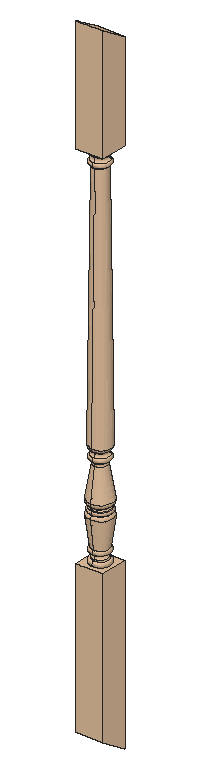
Revit family "Domestic", category 난간동자, Revit 2026
Family settings
  항상 수직 = 예
  로드될 때 보이드를 사용하여 절단 = 아니오
  공유 = 아니오
Parameters (values of type "38mm Spindle")
  built-in parameter 1008623 [instance] = 32.47°
  Top Block Offset = 150 mm
  built-in parameter 1008625 [instance] = (empty or 0)
  Post = no
  Material = Wood - Cherry
  built-in parameter 1008624 [instance] = 32.47°
  Bottom Block Offset = 225 mm
  built-in parameter 1008622 [instance] = 900 mm
  Assembly Code = ""
Reference planes
  plane 1 "Center (Front/Back)": y = 0
  plane 2: z = 0
  plane 3 "Center (Left/Right)": x = 0
  plane 4 "Top": z = 900
  plane 5 "Top Angle Cut": through (0, 407.639, 640.605) normal (0, -0.5369, -0.8437)
  plane 6: z = 1128.6
  plane 7: y = 34.925
  plane 8: y = -34.925
  plane 9: x = -34.925
  plane 10: x = 34.925
  plane 11 "Bottom block Height at top": z = 225
  plane 12 "Top Block Bottom-offset from top": z = 750
  plane 13: through (0, 0, 0) normal (0, 0.5369, 0.8437)
  plane 14: z = -350
  plane 15: z = 370.105
  plane 16: z = 728.011
Forms (mm)
  Extrusion 1, void
    sketch origin (0, 0, 0) x (0, 1, 0) y (0, 0, 1)
      loop
        line (-34.925, 1128.6) -> (-34.925, 922.224) -> (34.925, 877.776) -> (34.925, 1128.6) -> (-34.925, 1128.6)
    from -34.925 to 50.8
  Extrusion 2, solid, material "Wood - Cherry" <- "Material"
    sketch origin (0, 0, 0) x (1, 0, 0) y (0, 1, 0)
      loop
        line (-19.05, -19.05) -> (19.05, -19.05) -> (19.05, 19.05) -> (-19.05, 19.05) -> (-19.05, -19.05)
    from -244.9 to 225 <- "Bottom Block Offset"
  Revolve 3, solid, material "Wood - Cherry" <- "Material"
    sketch origin (0, 0, 0) x (0, 1, 0) y (0, 0, 1)
      loop
        line (-16.876, 285.51) -> (-11.309, 244.939)
        arc (-11.309, 244.939) -> (-13.796, 242.697) -> (-11.822, 239.992) r 2.5
        arc (-11.822, 239.992) -> (-8.811, 236.919) -> (-10.496, 232.959) r 3.874
        line (-10.496, 232.959) -> (-10.496, 230.746)
        arc (-10.496, 230.746) -> (-14.171, 228.334) -> (-11.306, 225) r 2.926
        line (-11.306, 225) -> (0, 225) -> (0, 370.105) -> (-10.496, 370.105) -> (-10.496, 367.891)
        arc (-10.496, 367.891) -> (-9.249, 364.437) -> (-11.822, 361.818) r 3.448
        arc (-11.822, 361.818) -> (-13.796, 359.113) -> (-11.309, 356.871) r 2.5
        line (-11.309, 356.871) -> (-11.309, 355.674) -> (-9.832, 354.821)
        arc (-9.832, 354.821) -> (-9.239, 352.81) -> (-9.288, 350.715) r 6.787
        line (-9.288, 350.715) -> (-17.102, 306.398)
        arc (-17.102, 306.398) -> (-16.93, 302.896) -> (-13.983, 300.996) r 3.836
        line (-13.983, 300.996) -> (-13.983, 299.384)
        arc (-13.983, 299.384) -> (-12.831, 297.625) -> (-13.983, 295.866) r 1.919
        line (-13.983, 295.866) -> (-13.983, 295.037)
        arc (-13.983, 295.037) -> (-15.834, 293.187) -> (-13.983, 291.336) r 1.851
        line (-13.983, 291.336) -> (-13.983, 290.235)
        arc (-13.983, 290.235) -> (-16.277, 288.391) -> (-16.876, 285.51) r 4.357
      axis (0, 370.105) -> (0, 225)
    angle from 0 to 360
  Revolve 4, solid, material "Wood - Cherry" <- "Material"
    sketch origin (0, 0, 0) x (0, 1, 0) y (0, 0, 1)
      loop
        line (-11.309, 730.061) -> (-11.309, 728.864) -> (-9.832, 728.011) -> (0, 728.011) -> (0, 750) -> (-11.306, 750)
        arc (-11.306, 750) -> (-14.319, 746.519) -> (-10.496, 743.954) r 3.073
        line (-10.496, 743.954) -> (-10.496, 741.741)
        arc (-10.496, 741.741) -> (-8.949, 737.939) -> (-11.822, 735.008) r 3.74
        arc (-11.822, 735.008) -> (-13.796, 732.303) -> (-11.309, 730.061) r 2.5
      axis (0, 750) -> (0, 728.011)
    angle from 0 to 360
  Revolve 5, solid, material "Wood - Cherry" <- "Material"
    sketch origin (0, 0, 0) x (0, 1, 0) y (0, 0, 1)
      loop
        arc (-14.753, 374.174) -> (-13.509, 371.215) -> (-10.496, 370.105) r 4.029
        line (-10.496, 370.105) -> (0, 370.105) -> (0, 728.011) -> (-10.226, 728.011) -> (-14.753, 374.174)
      axis (0, 728.011) -> (0, 370.105)
    angle from 0 to 360
  Extrusion 6, solid, material "Wood - Cherry" <- "Material"
    sketch origin (0, 0, 0) x (1, 0, 0) y (0, 1, 0)
      loop
        line (-19.05, 19.05) -> (-19.05, -19.05) -> (19.05, -19.05) -> (19.05, 19.05) -> (-19.05, 19.05)
    from 750 to 1128.6
  Extrusion 7, void
    sketch origin (0, 0, 0) x (0, 1, 0) y (0, 0, 1)
      loop
        line (-34.925, 22.224) -> (-34.925, -350) -> (34.925, -350) -> (34.925, -22.224) -> (-34.925, 22.224)
    from -34.925 to 34.925
Cuts and joins
  Extrusion 1, Extrusion 7 cuts Extrusion 6
  Extrusion 7 cuts Extrusion 2
  Extrusion 7 cuts Revolve 3
  Extrusion 7 cuts Revolve 4
  Extrusion 7 cuts Revolve 5
Dimensions and locks
  "built-in parameter 1008622": plane 2 to plane 4 "Top"
  locked: plane 4 "Top" to plane 6 at 228.6
  locked: plane 9 to plane 10 at 69.85
  equal spacing: plane 9, plane 3 "Center (Left/Right)", plane 10
  equal spacing: plane 7, plane 1 "Center (Front/Back)", plane 8
  locked: plane 7 to plane 8 at 69.85
  "Top Block Offset": plane 12 "Top Block Bottom-offset from top" to plane 4 "Top"
  "Bottom Block Offset": plane 11 "Bottom block Height at top" to level
  locked: level to plane 14 at 350
  locked: plane 16 to plane 12 "Top Block Bottom-offset from top" at 21.989
  locked: plane 11 "Bottom block Height at top" to plane 15 at 145.105
  "built-in parameter 1008623": angle plane 4 "Top" to plane 5 "Top Angle Cut"
  "built-in parameter 1008624": angle level to plane 13
  aligned and locked: plane 9 to Extrusion 1
  aligned and locked: plane 6 to Extrusion 1 sketch curve
  aligned and locked: Extrusion 1 sketch curve to plane 7
  aligned and locked: Extrusion 1 sketch curve to plane 8
  aligned and locked: plane 12 "Top Block Bottom-offset from top" to Extrusion 6
  aligned and locked: Extrusion 6 to plane 6
  aligned and locked: Extrusion 2 sketch curve to cut or joined group of Extrusion 1, Extrusion 6, Extrusion 7  (x4)
  aligned and locked: plane 8 to Extrusion 7 sketch curve
  aligned and locked: Extrusion 7 sketch curve to plane 13
  aligned and locked: Extrusion 7 sketch curve to plane 7
  aligned and locked: plane 14 to Extrusion 7 sketch curve
  aligned and locked: plane 9 to Extrusion 7
  aligned and locked: Extrusion 7 to plane 10
  aligned and locked: plane 11 "Bottom block Height at top" to cut or joined group of Extrusion 2, Extrusion 7
  aligned and locked: Revolve 5 sketch curve to cut or joined group of Revolve 4, Extrusion 7
  aligned and locked: plane 16 to cut or joined group of Revolve 5, Extrusion 7
  aligned and locked: Revolve 4 sketch curve to plane 16
  aligned and locked: plane 15 to cut or joined group of Revolve 5, Extrusion 7
  aligned and locked: Revolve 3 sketch curve to plane 15
  aligned and locked: Revolve 5 sketch curve to plane 15
Automatic sketch dimensions
  Extrusion 1 sketch curve to plane 5 "Top Angle Cut" = 0 mm  (x2)
  Revolve 4 sketch curve to plane 12 "Top Block Bottom-offset from top" = 0 mm
  Revolve 4 sketch curve to plane 1 "Center (Front/Back)" = 0 mm  (x2)
  plane 1 "Center (Front/Back)" to Revolve 4 sketch curve = 9.832 mm
  plane 1 "Center (Front/Back)" to Revolve 4 sketch curve = 10.496 mm
  Revolve 4 sketch curve to Revolve 4 sketch curve = 0.778 mm
  Revolve 4 sketch curve to Revolve 4 sketch curve = 0.033 mm
  Revolve 4 sketch curve to Revolve 4 sketch curve = 1.477 mm
  Revolve 4 sketch curve to Revolve 4 sketch curve = 0.513 mm
  Revolve 4 sketch curve to Revolve 4 sketch curve = 0.795 mm
  Revolve 4 sketch curve to plane 14 = 101.6 mm
  Revolve 4 sketch curve to Revolve 4 sketch curve = 0.853 mm
  Revolve 4 sketch curve to Revolve 4 sketch curve = 1.197 mm
  Revolve 4 sketch curve to Revolve 4 sketch curve = 2.5 mm
  Revolve 4 sketch curve to Revolve 4 sketch curve = 2.213 mm
  Revolve 4 sketch curve to plane 6 = 101.6 mm
  Revolve 3 sketch curve to plane 11 "Bottom block Height at top" = 0 mm
  Revolve 3 sketch curve to plane 1 "Center (Front/Back)" = 0 mm  (x2)
  plane 1 "Center (Front/Back)" to Revolve 3 sketch curve = 9.288 mm
  Revolve 3 sketch curve to Revolve 3 sketch curve = 0.544 mm
  plane 1 "Center (Front/Back)" to Revolve 3 sketch curve = 10.496 mm  (x2)
  Revolve 3 sketch curve to Revolve 3 sketch curve = 0.778 mm
  Revolve 3 sketch curve to Revolve 3 sketch curve = 0.033 mm
  Revolve 3 sketch curve to Revolve 3 sketch curve = 1.477 mm
  plane 1 "Center (Front/Back)" to Revolve 3 sketch curve = 11.309 mm
  Revolve 3 sketch curve to Revolve 3 sketch curve = 0.513 mm  (x2)
  Revolve 3 sketch curve to Revolve 3 sketch curve = 0 mm  (x2)
  plane 1 "Center (Front/Back)" to Revolve 3 sketch curve = 12.561 mm
  Revolve 3 sketch curve to Revolve 3 sketch curve = 0.795 mm
  Revolve 3 sketch curve to Revolve 3 sketch curve = 2.122 mm
  plane 1 "Center (Front/Back)" to Revolve 3 sketch curve = 13.608 mm
  Revolve 3 sketch curve to Revolve 3 sketch curve = 0.375 mm  (x2)
  Revolve 3 sketch curve to Revolve 3 sketch curve = 0.768 mm
  Revolve 3 sketch curve to Revolve 3 sketch curve = 4.658 mm
  Revolve 3 sketch curve to Revolve 3 sketch curve = 4.315 mm
  Revolve 3 sketch curve to Revolve 3 sketch curve = 3.494 mm
  Revolve 3 sketch curve to plane 14 = 101.6 mm
  Revolve 3 sketch curve to Revolve 3 sketch curve = 2.926 mm
  Revolve 3 sketch curve to Revolve 3 sketch curve = 2.213 mm  (x2)
  Revolve 3 sketch curve to Revolve 3 sketch curve = 3.241 mm
  Revolve 3 sketch curve to Revolve 3 sketch curve = 0.606 mm
  Revolve 3 sketch curve to Revolve 3 sketch curve = 1.101 mm
  Revolve 3 sketch curve to Revolve 3 sketch curve = 1.759 mm
  Revolve 3 sketch curve to Revolve 3 sketch curve = 44.316 mm
  Revolve 3 sketch curve to Revolve 3 sketch curve = 1.204 mm
  Revolve 3 sketch curve to Revolve 3 sketch curve = 0.853 mm
  Revolve 3 sketch curve to Revolve 3 sketch curve = 1.197 mm
  Revolve 3 sketch curve to Revolve 3 sketch curve = 2.5 mm
  Revolve 3 sketch curve to plane 6 = 101.6 mm
  Revolve 3 sketch curve to Revolve 3 sketch curve = 20.889 mm
  Revolve 3 sketch curve to Revolve 3 sketch curve = 1.851 mm
  Revolve 3 sketch curve to Revolve 3 sketch curve = 0.828 mm
  Revolve 3 sketch curve to Revolve 3 sketch curve = 1.612 mm
  Revolve 5 sketch curve to plane 1 "Center (Front/Back)" = 0 mm  (x2)
  plane 1 "Center (Front/Back)" to Revolve 5 sketch curve = 10.226 mm
  plane 1 "Center (Front/Back)" to Revolve 5 sketch curve = 10.496 mm
  Revolve 5 sketch curve to Revolve 5 sketch curve = 0.229 mm
  Revolve 5 sketch curve to Revolve 5 sketch curve = 4.029 mm
  Revolve 5 sketch curve to plane 14 = 101.6 mm
  Revolve 5 sketch curve to Revolve 5 sketch curve = 4.022 mm
  Revolve 5 sketch curve to plane 6 = 101.6 mm
  Revolve 4 sketch curve to Revolve 4 sketch curve = 3.654 mm
